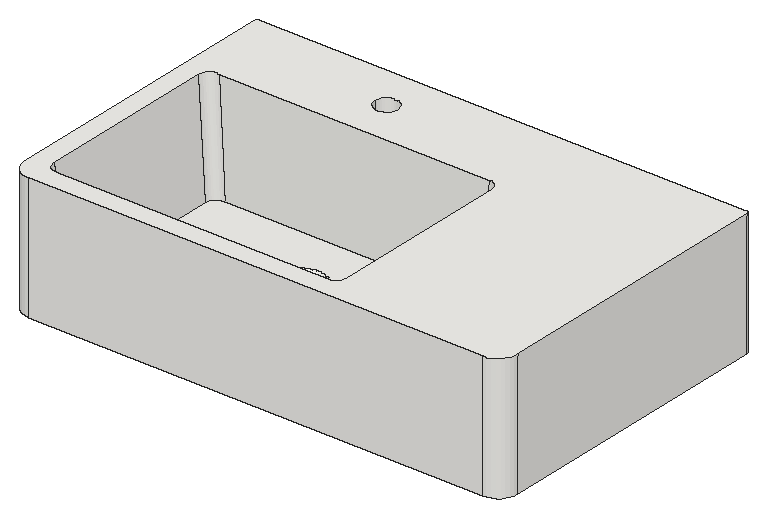
Revit family "Edge Series LH", category Plumbing Fixtures, Revit 2013
Parameters
  URL = "http://www.yepsketch.com"
  Model = "Edge Series LH"
  Material = Porcelain, Ivory
  Manufacturer = "Studio Bagno"
  Author = "YEPSKETCH"
Reference planes
  plane 1 "Center (Front/Back)": y = 0
  plane 2: z = 0
  plane 3 "Center (Left/Right)": x = 0
Forms (mm)
  Extrusion 1, solid, material "Porcelain, Ivory" <- "Material"
    sketch origin (0, 0, 0) x (1, 0, 0) y (0, 1, 0)
      loop
        arc (-310, 197.5) -> (-313.536, 196.036) -> (-315, 192.5) r 5
        line (-315, 192.5) -> (-315, -172.5)
        arc (-315, -172.5) -> (-307.678, -190.178) -> (-290, -197.5) r 25
        line (-290, -197.5) -> (290, -197.5)
        arc (290, -197.5) -> (307.678, -190.178) -> (315, -172.5) r 25
        line (315, -172.5) -> (315, 192.5)
        arc (315, 192.5) -> (313.536, 196.036) -> (310, 197.5) r 5
        line (310, 197.5) -> (-310, 197.5)
    from 0 to 160
  Blend 2, void
    base sketch origin (0, 0, 0) x (1, 0, 0) y (0, 1, 0)
      loop
        line (59.219, 82.5) -> (-264.219, 82.5)
        arc (-264.219, 82.5) -> (-274.162, 78.381) -> (-278.281, 68.438) r 14.063
        line (-278.281, 68.438) -> (-278.281, -147.187)
        arc (-278.281, -147.187) -> (-274.162, -157.131) -> (-264.219, -161.25) r 14.063
        line (-264.219, -161.25) -> (59.219, -161.25)
        arc (59.219, -161.25) -> (69.162, -157.131) -> (73.281, -147.187) r 14.063
        line (73.281, -147.187) -> (73.281, 68.438)
        arc (73.281, 68.438) -> (69.162, 78.381) -> (59.219, 82.5) r 14.063
    top sketch origin (0, 0, 0) x (1, 0, 0) y (0, 1, 0)
      loop
        arc (85, 72.5) -> (80.607, 83.107) -> (70, 87.5) r 15
        line (70, 87.5) -> (-275, 87.5)
        arc (-275, 87.5) -> (-285.607, 83.107) -> (-290, 72.5) r 15
        line (-290, 72.5) -> (-290, -157.5)
        arc (-290, -157.5) -> (-285.607, -168.107) -> (-275, -172.5) r 15
        line (-275, -172.5) -> (70, -172.5)
        arc (70, -172.5) -> (80.607, -168.107) -> (85, -157.5) r 15
        line (85, -157.5) -> (85, 72.5)
    from 19.63 to 160
  Revolve 3, void
    sketch origin (0, 0, 0) x (1, 0, 0) y (0, 0, 1)
      loop
        line (-102.5, 19.63) -> (-102.5, 0) -> (-80, 0) -> (-80, 11.789) -> (-72.159, 19.63) -> (-102.5, 19.63)
      axis (-102.5, 0) -> (-102.5, 19.63)
    angle from 0 to 360
  Extrusion 4, void
    sketch origin (0, 0, 0) x (1, 0, 0) y (0, 1, 0)
      loop
        circle (-104.086, 141.508) r 15
    from 0 to 160
Cuts and joins
  Blend 2, Revolve 3, Extrusion 4 cuts Extrusion 1
Dimensions and locks
  aligned and locked: level to plane 2
